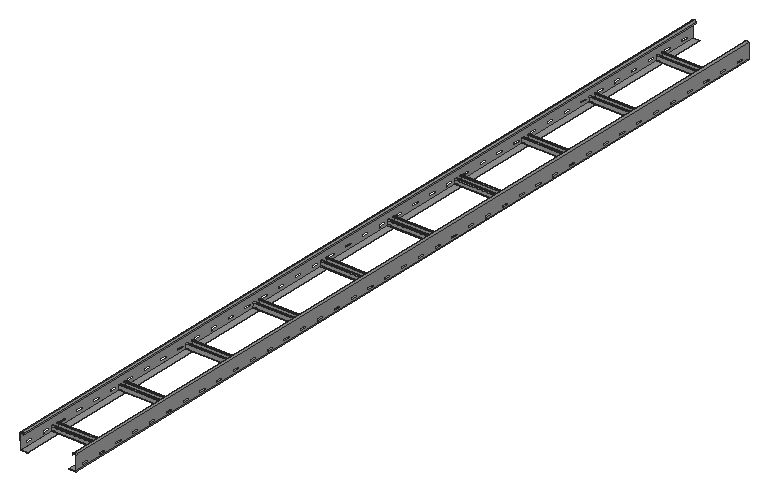
Revit family "LLIS 620 3 FS_FT Kabelleiter, gelocht", category Generic Models, Revit 2017
Family settings
  Can host rebar = No
  Round Connector Dimension = Use Diameter
  Part Type = Normal
  Work Plane-Based = No
  Always vertical = Yes
  Cut with Voids When Loaded = No
  Shared = No
  Room Calculation Point = No
Parameters (values of type "LLIS 620 3 FT")
  Width = 200 mm
  URL = "http://www.obo-bettermann.com"
  Material = Strip galvanised
  Manufacturer Art.No. = "6209570"
  Manufacturer = "OBO BETTERMANN"
  GTIN = "4012196773121"
  Cut's number 3 = 40
  Cut's number 2 = 2
  Cut's number = 10
  Article Type = "LLIS 620 3 FT"
Reference planes
  plane 1 "Center (Front/Back)": y = 0
  plane 2: z = 0
  plane 3 "Center (Left/Right)": x = 0
  plane 4: x = 200
  plane 5: z = 60
  plane 6: x = 12
  plane 7: x = 188
  plane 8: z = 51
  plane 9: z = 51
  plane 10: z = 55.5
  plane 11: z = 55.5
  plane 12: y = 3000
  plane 13: y = 150
  plane 14: y = 135
  plane 15: y = 165
  plane 16: z = 19
  plane 17: x = 196
  plane 18: x = 4
  plane 19: x = 199.992
  plane 20: y = 450
  plane 21: y = 435
  plane 22: y = 465
  plane 23: z = 19
  plane 24: y = 750
  plane 25: y = 735
  plane 26: y = 765
  plane 27: z = 19
  plane 28: y = 1050
  plane 29: y = 1035
  plane 30: y = 1065
  plane 31: z = 19
  plane 32: y = 1350
  plane 33: y = 1335
  plane 34: y = 1365
  plane 35: z = 19
  plane 36: y = 1650
  plane 37: y = 1635
  plane 38: y = 1665
  plane 39: z = 19
  plane 40: y = 1950
  plane 41: y = 1935
  plane 42: y = 1965
  plane 43: z = 19
  plane 44: y = 2250
  plane 45: y = 2235
  plane 46: y = 2265
  plane 47: z = 19
  plane 48: y = 2550
  plane 49: y = 2535
  plane 50: y = 2565
  plane 51: z = 19
  plane 52: y = 2850
  plane 53: y = 2835
  plane 54: y = 2865
  plane 55: z = 19
  plane 56: y = 150
  plane 57: x = 16.5
  plane 58: x = 16.5
  plane 59: x = 183.5
  plane 60: y = 150
  plane 61: x = 183.627
  plane 62: y = 750
  plane 63: x = 183.627
  plane 64: y = 1050
  plane 65: x = 183.627
  plane 66: y = 1350
  plane 67: x = 183.627
  plane 68: y = 1650
  plane 69: x = 183.627
  plane 70: y = 1950
  plane 71: x = 183.627
  plane 72: y = 2250
  plane 73: x = 183.627
  plane 74: y = 2550
  plane 75: x = 183.627
  plane 76: y = 2850
  plane 77: x = 183.627
  plane 78: y = 750
  plane 79: x = 16.5
  plane 80: y = 1050
  plane 81: x = 16.5
  plane 82: y = 1350
  plane 83: x = 16.5
  plane 84: y = 1650
  plane 85: x = 16.5
  plane 86: y = 1950
  plane 87: x = 16.5
  plane 88: y = 2250
  plane 89: x = 16.5
  plane 90: y = 2550
  plane 91: x = 16.5
  plane 92: y = 2850
  plane 93: x = 16.5
  plane 94: x = 16.5
  plane 95: x = 183
  plane 96: y = 450
  plane 97: x = 183.734
  plane 98: x = 350.234
  plane 99: y = 450
  plane 100: y = 37.5
  plane 101: y = 112.5
  plane 102: z = 14
  plane 103: y = 112.5
  plane 104: y = 187.5
  plane 105: z = 14
  plane 106: y = 187.5
  plane 107: y = 262.5
  plane 108: z = 14
  plane 109: y = 262.5
  plane 110: y = 337.5
  plane 111: z = 14
  plane 112: y = 337.5
  plane 113: y = 412.5
  plane 114: z = 14
  plane 115: y = 412.5
  plane 116: y = 487.5
  plane 117: z = 14
  plane 118: y = 487.5
  plane 119: y = 562.5
  plane 120: z = 14
  plane 121: y = 562.5
  plane 122: y = 637.5
  plane 123: z = 14
  plane 124: y = 637.5
  plane 125: y = 712.5
  plane 126: z = 14
  plane 127: y = 712.5
  plane 128: y = 787.5
  plane 129: z = 14
  plane 130: y = 787.5
  plane 131: y = 862.5
  plane 132: z = 14
  plane 133: y = 862.5
  plane 134: y = 937.5
  plane 135: z = 14
  plane 136: y = 937.5
  plane 137: y = 1012.5
  plane 138: z = 14
  plane 139: y = 1012.5
  plane 140: y = 1087.5
  plane 141: z = 14
  plane 142: y = 1087.5
  plane 143: y = 1162.5
  plane 144: z = 14
  plane 145: y = 1162.5
  plane 146: y = 1237.5
  plane 147: z = 14
  plane 148: y = 1237.5
  plane 149: y = 1312.5
  plane 150: z = 14
  plane 151: y = 1312.5
  plane 152: y = 1387.5
  plane 153: z = 14
  plane 154: y = 1387.5
  plane 155: y = 1462.5
  plane 156: z = 14
  plane 157: y = 1462.5
  plane 158: y = 1537.5
  plane 159: z = 14
  plane 160: y = 1537.5
  plane 161: y = 1612.5
  plane 162: z = 14
  plane 163: y = 1612.5
  plane 164: y = 1687.5
  plane 165: z = 14
  plane 166: y = 1687.5
  plane 167: y = 1762.5
  plane 168: z = 14
  plane 169: y = 1762.5
  plane 170: y = 1837.5
  plane 171: z = 14
  plane 172: y = 1837.5
  plane 173: y = 1912.5
  plane 174: z = 14
  plane 175: y = 1912.5
  plane 176: y = 1987.5
  plane 177: z = 14
  plane 178: y = 1987.5
  plane 179: y = 2062.5
  plane 180: z = 14
  plane 181: y = 2062.5
  plane 182: y = 2137.5
  plane 183: z = 14
  plane 184: y = 2137.5
  plane 185: y = 2212.5
  plane 186: z = 14
  plane 187: y = 2212.5
  plane 188: y = 2287.5
  plane 189: z = 14
  plane 190: y = 2287.5
  plane 191: y = 2362.5
  plane 192: z = 14
  plane 193: y = 2362.5
  plane 194: y = 2437.5
  plane 195: z = 14
  plane 196: y = 2437.5
  plane 197: y = 2512.5
  plane 198: z = 14
  plane 199: y = 2512.5
  plane 200: y = 2587.5
  plane 201: z = 14
  plane 202: y = 2587.5
  plane 203: y = 2662.5
  plane 204: z = 14
  plane 205: y = 2662.5
  plane 206: y = 2737.5
  plane 207: z = 14
  plane 208: y = 2737.5
  plane 209: y = 2812.5
  plane 210: z = 14
  plane 211: y = 2812.5
  plane 212: y = 2887.5
  plane 213: z = 14
  plane 214: y = 2887.5
  plane 215: y = 2962.5
  plane 216: z = 14
  plane 217: y = 2962.5
  plane 218: y = 3037.5
  plane 219: z = 14
  plane 220: y = 2962.5
  plane 221: z = 14
  plane 222: y = 2887.5
  plane 223: z = 14
  plane 224: y = 2812.5
  plane 225: z = 14
  plane 226: y = 2737.5
  plane 227: z = 14
  plane 228: y = 2662.5
  plane 229: z = 14
  plane 230: y = 2587.5
  plane 231: z = 14
  plane 232: y = 2512.5
  plane 233: z = 14
  plane 234: y = 2437.5
  plane 235: z = 14
  plane 236: y = 2362.5
  plane 237: z = 14
  plane 238: y = 2287.5
  plane 239: z = 14
  plane 240: y = 2212.5
  plane 241: z = 14
  plane 242: y = 2137.5
  plane 243: z = 14
  plane 244: y = 2062.5
  plane 245: z = 14
  plane 246: y = 1987.5
  plane 247: z = 14
  plane 248: y = 1912.5
  plane 249: z = 14
  plane 250: y = 1837.5
  plane 251: z = 14
  plane 252: y = 1762.5
  plane 253: z = 14
  plane 254: y = 1687.5
  plane 255: z = 14
  plane 256: y = 1612.5
  plane 257: z = 14
  plane 258: y = 1537.5
  plane 259: z = 14
  plane 260: y = 1462.5
  plane 261: z = 14
  plane 262: y = 1387.5
  plane 263: z = 14
  plane 264: y = 1312.5
  plane 265: z = 14
  plane 266: y = 1237.5
  plane 267: z = 14
  plane 268: y = 1162.5
  plane 269: z = 14
  plane 270: y = 1087.5
  plane 271: z = 14
  plane 272: y = 1012.5
  plane 273: z = 14
  plane 274: y = 937.5
  plane 275: z = 14
  plane 276: y = 862.5
  plane 277: z = 14
  plane 278: y = 787.5
  plane 279: z = 14
  plane 280: y = 712.5
  plane 281: z = 14
  plane 282: y = 637.5
  plane 283: z = 14
  plane 284: y = 562.5
  plane 285: z = 14
  plane 286: y = 487.5
  plane 287: z = 14
  plane 288: y = 412.5
  plane 289: z = 14
  plane 290: y = 337.5
  plane 291: z = 14
  plane 292: y = 262.5
  plane 293: z = 14
  plane 294: y = 187.5
  plane 295: z = 14
  plane 296: y = 112.5
  plane 297: z = 14
  plane 298: y = 37.5
  plane 299: z = 14
  plane 300: x = 44
  plane 301: y = 150
  plane 302: x = 156
  plane 303: x = 44
  plane 304: x = 156.115
  plane 305: y = 150
  plane 306: x = 156.115
  plane 307: y = 750
  plane 308: x = 156.115
  plane 309: y = 1050
  plane 310: x = 156.115
  plane 311: y = 1350
  plane 312: x = 156.115
  plane 313: y = 1650
  plane 314: x = 156.115
  plane 315: y = 1950
  plane 316: x = 156.115
  plane 317: y = 2250
  plane 318: x = 156.115
  plane 319: y = 2550
  plane 320: x = 156.115
  plane 321: y = 2850
  plane 322: x = 44
  plane 323: y = 750
  plane 324: x = 44
  plane 325: y = 1050
  plane 326: x = 44
  plane 327: y = 1350
  plane 328: x = 44
  plane 329: y = 1650
  plane 330: x = 44
  plane 331: y = 1950
  plane 332: x = 44
  plane 333: y = 2250
  plane 334: x = 44
  plane 335: y = 2550
  plane 336: x = 44
  plane 337: y = 2850
  plane 338: x = 44
  plane 339: x = 156
  plane 340: y = 450
  plane 341: x = 155.962
  plane 342: x = 267.962
  plane 343: y = 450
Forms (mm)
  Extrusion 1, solid, material "Strip galvanised"
    sketch origin (0, 0, 0) x (1, 0, 0) y (0, 0, 1)
      loop
        line (0, 54.006) -> (0, 2)
        arc (0, 2) -> (0.586, 0.586) -> (2, 0) r 2
        line (2, 0) -> (26.975, 0) -> (26.975, 1) -> (2, 1)
        arc (2, 1) -> (1.293, 1.293) -> (1, 2) r 1
        line (1, 2) -> (1, 54.006)
        arc (1, 54.006) -> (6, 59.006) -> (11, 54.006) r 5
        line (11, 54.006) -> (11, 51) -> (12, 51) -> (12, 54.006)
        arc (12, 54.006) -> (6, 60.006) -> (0, 54.006) r 6
      loop
        line (200, 2) -> (200, 53.941)
        arc (200, 53.941) -> (194, 59.941) -> (188, 53.941) r 6
        line (188, 53.941) -> (188, 51) -> (189, 51) -> (189, 53.941)
        arc (189, 53.941) -> (194, 58.941) -> (199, 53.941) r 5
        line (199, 53.941) -> (199, 2)
        arc (199, 2) -> (198.707, 1.293) -> (198, 1) r 1
        line (198, 1) -> (172.972, 1) -> (172.972, 0) -> (198, 0)
        arc (198, 0) -> (199.414, 0.586) -> (200, 2) r 2
    from 0 to -3000
  Extrusion 2, solid, material "Strip galvanised" <- "Material"
    sketch origin (0, 0, 0) x (0, 1, 0) y (0, 0, 1)
      loop
        line (137, 1) -> (163, 1)
        arc (163, 1) -> (164.414, 1.586) -> (165, 3) r 2
        line (165, 3) -> (165, 17)
        arc (165, 17) -> (164.414, 18.414) -> (163, 19) r 2
        line (163, 19) -> (158.5, 19) -> (158.5, 18) -> (163, 18)
        arc (163, 18) -> (163.707, 17.707) -> (164, 17) r 1
        line (164, 17) -> (164, 3)
        arc (164, 3) -> (163.707, 2.293) -> (163, 2) r 1
        line (163, 2) -> (137, 2)
        arc (137, 2) -> (136.293, 2.293) -> (136, 3) r 1
        line (136, 3) -> (136, 17)
        arc (136, 17) -> (136.293, 17.707) -> (137, 18) r 1
        line (137, 18) -> (141.517, 18) -> (141.517, 19) -> (137, 19)
        arc (137, 19) -> (135.586, 18.414) -> (135, 17) r 2
        line (135, 17) -> (135, 3)
        arc (135, 3) -> (135.586, 1.586) -> (137, 1) r 2
    from 4 to 196
  Extrusion 3, solid, material "Strip galvanised" <- "Material"
    sketch origin (0, 300, 0) x (0, 1, 0) y (0, 0, 1)
      loop
        line (137, 1) -> (163, 1)
        arc (163, 1) -> (164.414, 1.586) -> (165, 3) r 2
        line (165, 3) -> (165, 17)
        arc (165, 17) -> (164.414, 18.414) -> (163, 19) r 2
        line (163, 19) -> (158.5, 19) -> (158.5, 18) -> (163, 18)
        arc (163, 18) -> (163.707, 17.707) -> (164, 17) r 1
        line (164, 17) -> (164, 3)
        arc (164, 3) -> (163.707, 2.293) -> (163, 2) r 1
        line (163, 2) -> (137, 2)
        arc (137, 2) -> (136.293, 2.293) -> (136, 3) r 1
        line (136, 3) -> (136, 17)
        arc (136, 17) -> (136.293, 17.707) -> (137, 18) r 1
        line (137, 18) -> (141.517, 18) -> (141.517, 19) -> (137, 19)
        arc (137, 19) -> (135.586, 18.414) -> (135, 17) r 2
        line (135, 17) -> (135, 3)
        arc (135, 3) -> (135.586, 1.586) -> (137, 1) r 2
    from 4 to 196
  Extrusion 4, solid, material "Strip galvanised" <- "Material"
    sketch origin (0, 600, 0) x (0, 1, 0) y (0, 0, 1)
      loop
        line (137, 1) -> (163, 1)
        arc (163, 1) -> (164.414, 1.586) -> (165, 3) r 2
        line (165, 3) -> (165, 17)
        arc (165, 17) -> (164.414, 18.414) -> (163, 19) r 2
        line (163, 19) -> (158.5, 19) -> (158.5, 18) -> (163, 18)
        arc (163, 18) -> (163.707, 17.707) -> (164, 17) r 1
        line (164, 17) -> (164, 3)
        arc (164, 3) -> (163.707, 2.293) -> (163, 2) r 1
        line (163, 2) -> (137, 2)
        arc (137, 2) -> (136.293, 2.293) -> (136, 3) r 1
        line (136, 3) -> (136, 17)
        arc (136, 17) -> (136.293, 17.707) -> (137, 18) r 1
        line (137, 18) -> (141.517, 18) -> (141.517, 19) -> (137, 19)
        arc (137, 19) -> (135.586, 18.414) -> (135, 17) r 2
        line (135, 17) -> (135, 3)
        arc (135, 3) -> (135.586, 1.586) -> (137, 1) r 2
    from 4 to 196
  Extrusion 5, solid, material "Strip galvanised" <- "Material"
    sketch origin (0, 900, 0) x (0, 1, 0) y (0, 0, 1)
      loop
        line (137, 1) -> (163, 1)
        arc (163, 1) -> (164.414, 1.586) -> (165, 3) r 2
        line (165, 3) -> (165, 17)
        arc (165, 17) -> (164.414, 18.414) -> (163, 19) r 2
        line (163, 19) -> (158.5, 19) -> (158.5, 18) -> (163, 18)
        arc (163, 18) -> (163.707, 17.707) -> (164, 17) r 1
        line (164, 17) -> (164, 3)
        arc (164, 3) -> (163.707, 2.293) -> (163, 2) r 1
        line (163, 2) -> (137, 2)
        arc (137, 2) -> (136.293, 2.293) -> (136, 3) r 1
        line (136, 3) -> (136, 17)
        arc (136, 17) -> (136.293, 17.707) -> (137, 18) r 1
        line (137, 18) -> (141.517, 18) -> (141.517, 19) -> (137, 19)
        arc (137, 19) -> (135.586, 18.414) -> (135, 17) r 2
        line (135, 17) -> (135, 3)
        arc (135, 3) -> (135.586, 1.586) -> (137, 1) r 2
    from 4 to 196
  Extrusion 6, solid, material "Strip galvanised" <- "Material"
    sketch origin (0, 1200, 0) x (0, 1, 0) y (0, 0, 1)
      loop
        line (137, 1) -> (163, 1)
        arc (163, 1) -> (164.414, 1.586) -> (165, 3) r 2
        line (165, 3) -> (165, 17)
        arc (165, 17) -> (164.414, 18.414) -> (163, 19) r 2
        line (163, 19) -> (158.5, 19) -> (158.5, 18) -> (163, 18)
        arc (163, 18) -> (163.707, 17.707) -> (164, 17) r 1
        line (164, 17) -> (164, 3)
        arc (164, 3) -> (163.707, 2.293) -> (163, 2) r 1
        line (163, 2) -> (137, 2)
        arc (137, 2) -> (136.293, 2.293) -> (136, 3) r 1
        line (136, 3) -> (136, 17)
        arc (136, 17) -> (136.293, 17.707) -> (137, 18) r 1
        line (137, 18) -> (141.517, 18) -> (141.517, 19) -> (137, 19)
        arc (137, 19) -> (135.586, 18.414) -> (135, 17) r 2
        line (135, 17) -> (135, 3)
        arc (135, 3) -> (135.586, 1.586) -> (137, 1) r 2
    from 4 to 196
  Extrusion 7, solid, material "Strip galvanised" <- "Material"
    sketch origin (0, 1500, 0) x (0, 1, 0) y (0, 0, 1)
      loop
        line (137, 1) -> (163, 1)
        arc (163, 1) -> (164.414, 1.586) -> (165, 3) r 2
        line (165, 3) -> (165, 17)
        arc (165, 17) -> (164.414, 18.414) -> (163, 19) r 2
        line (163, 19) -> (158.5, 19) -> (158.5, 18) -> (163, 18)
        arc (163, 18) -> (163.707, 17.707) -> (164, 17) r 1
        line (164, 17) -> (164, 3)
        arc (164, 3) -> (163.707, 2.293) -> (163, 2) r 1
        line (163, 2) -> (137, 2)
        arc (137, 2) -> (136.293, 2.293) -> (136, 3) r 1
        line (136, 3) -> (136, 17)
        arc (136, 17) -> (136.293, 17.707) -> (137, 18) r 1
        line (137, 18) -> (141.517, 18) -> (141.517, 19) -> (137, 19)
        arc (137, 19) -> (135.586, 18.414) -> (135, 17) r 2
        line (135, 17) -> (135, 3)
        arc (135, 3) -> (135.586, 1.586) -> (137, 1) r 2
    from 4 to 196
  Extrusion 8, solid, material "Strip galvanised" <- "Material"
    sketch origin (0, 1800, 0) x (0, 1, 0) y (0, 0, 1)
      loop
        line (137, 1) -> (163, 1)
        arc (163, 1) -> (164.414, 1.586) -> (165, 3) r 2
        line (165, 3) -> (165, 17)
        arc (165, 17) -> (164.414, 18.414) -> (163, 19) r 2
        line (163, 19) -> (158.5, 19) -> (158.5, 18) -> (163, 18)
        arc (163, 18) -> (163.707, 17.707) -> (164, 17) r 1
        line (164, 17) -> (164, 3)
        arc (164, 3) -> (163.707, 2.293) -> (163, 2) r 1
        line (163, 2) -> (137, 2)
        arc (137, 2) -> (136.293, 2.293) -> (136, 3) r 1
        line (136, 3) -> (136, 17)
        arc (136, 17) -> (136.293, 17.707) -> (137, 18) r 1
        line (137, 18) -> (141.517, 18) -> (141.517, 19) -> (137, 19)
        arc (137, 19) -> (135.586, 18.414) -> (135, 17) r 2
        line (135, 17) -> (135, 3)
        arc (135, 3) -> (135.586, 1.586) -> (137, 1) r 2
    from 4 to 196
  Extrusion 9, solid, material "Strip galvanised" <- "Material"
    sketch origin (0, 2100, 0) x (0, 1, 0) y (0, 0, 1)
      loop
        line (137, 1) -> (163, 1)
        arc (163, 1) -> (164.414, 1.586) -> (165, 3) r 2
        line (165, 3) -> (165, 17)
        arc (165, 17) -> (164.414, 18.414) -> (163, 19) r 2
        line (163, 19) -> (158.5, 19) -> (158.5, 18) -> (163, 18)
        arc (163, 18) -> (163.707, 17.707) -> (164, 17) r 1
        line (164, 17) -> (164, 3)
        arc (164, 3) -> (163.707, 2.293) -> (163, 2) r 1
        line (163, 2) -> (137, 2)
        arc (137, 2) -> (136.293, 2.293) -> (136, 3) r 1
        line (136, 3) -> (136, 17)
        arc (136, 17) -> (136.293, 17.707) -> (137, 18) r 1
        line (137, 18) -> (141.517, 18) -> (141.517, 19) -> (137, 19)
        arc (137, 19) -> (135.586, 18.414) -> (135, 17) r 2
        line (135, 17) -> (135, 3)
        arc (135, 3) -> (135.586, 1.586) -> (137, 1) r 2
    from 4 to 196
  Extrusion 10, solid, material "Strip galvanised" <- "Material"
    sketch origin (0, 2400, 0) x (0, 1, 0) y (0, 0, 1)
      loop
        line (137, 1) -> (163, 1)
        arc (163, 1) -> (164.414, 1.586) -> (165, 3) r 2
        line (165, 3) -> (165, 17)
        arc (165, 17) -> (164.414, 18.414) -> (163, 19) r 2
        line (163, 19) -> (158.5, 19) -> (158.5, 18) -> (163, 18)
        arc (163, 18) -> (163.707, 17.707) -> (164, 17) r 1
        line (164, 17) -> (164, 3)
        arc (164, 3) -> (163.707, 2.293) -> (163, 2) r 1
        line (163, 2) -> (137, 2)
        arc (137, 2) -> (136.293, 2.293) -> (136, 3) r 1
        line (136, 3) -> (136, 17)
        arc (136, 17) -> (136.293, 17.707) -> (137, 18) r 1
        line (137, 18) -> (141.517, 18) -> (141.517, 19) -> (137, 19)
        arc (137, 19) -> (135.586, 18.414) -> (135, 17) r 2
        line (135, 17) -> (135, 3)
        arc (135, 3) -> (135.586, 1.586) -> (137, 1) r 2
    from 4 to 196
  Extrusion 11, solid, material "Strip galvanised" <- "Material"
    sketch origin (0, 2700, 0) x (0, 1, 0) y (0, 0, 1)
      loop
        line (137, 1) -> (163, 1)
        arc (163, 1) -> (164.414, 1.586) -> (165, 3) r 2
        line (165, 3) -> (165, 17)
        arc (165, 17) -> (164.414, 18.414) -> (163, 19) r 2
        line (163, 19) -> (158.5, 19) -> (158.5, 18) -> (163, 18)
        arc (163, 18) -> (163.707, 17.707) -> (164, 17) r 1
        line (164, 17) -> (164, 3)
        arc (164, 3) -> (163.707, 2.293) -> (163, 2) r 1
        line (163, 2) -> (137, 2)
        arc (137, 2) -> (136.293, 2.293) -> (136, 3) r 1
        line (136, 3) -> (136, 17)
        arc (136, 17) -> (136.293, 17.707) -> (137, 18) r 1
        line (137, 18) -> (141.517, 18) -> (141.517, 19) -> (137, 19)
        arc (137, 19) -> (135.586, 18.414) -> (135, 17) r 2
        line (135, 17) -> (135, 3)
        arc (135, 3) -> (135.586, 1.586) -> (137, 1) r 2
    from 4 to 196
  Extrusion 12, void
    sketch origin (0, 0, 0) x (1, 0, 0) y (0, 1, 0)
      loop
        line (18.906, 152.406) -> (13.954, 157.359)
        arc (13.954, 157.359) -> (9.004, 157.359) -> (9.004, 152.41) r 3.5
        line (9.004, 152.41) -> (13.957, 147.457) -> (18.821, 142.593)
        arc (18.821, 142.593) -> (23.77, 142.593) -> (23.77, 147.543) r 3.5
        line (23.77, 147.543) -> (18.906, 152.406)
    from 0 to 2
  Extrusion 13, void
    sketch origin (167.127, 0, 0) x (1, 0, 0) y (0, 1, 0)
      loop
        line (18.906, 152.406) -> (13.954, 157.359)
        arc (13.954, 157.359) -> (9.004, 157.359) -> (9.004, 152.41) r 3.5
        line (9.004, 152.41) -> (13.957, 147.457) -> (18.821, 142.593)
        arc (18.821, 142.593) -> (23.77, 142.593) -> (23.77, 147.543) r 3.5
        line (23.77, 147.543) -> (18.906, 152.406)
    from 0 to 2
  Extrusion 14, void
    sketch origin (167.127, 600, 0) x (1, 0, 0) y (0, 1, 0)
      loop
        line (18.906, 152.406) -> (13.954, 157.359)
        arc (13.954, 157.359) -> (9.004, 157.359) -> (9.004, 152.41) r 3.5
        line (9.004, 152.41) -> (13.957, 147.457) -> (18.821, 142.593)
        arc (18.821, 142.593) -> (23.77, 142.593) -> (23.77, 147.543) r 3.5
        line (23.77, 147.543) -> (18.906, 152.406)
    from 0 to 2
  Extrusion 15, void
    sketch origin (167.127, 900, 0) x (1, 0, 0) y (0, 1, 0)
      loop
        line (18.906, 152.406) -> (13.954, 157.359)
        arc (13.954, 157.359) -> (9.004, 157.359) -> (9.004, 152.41) r 3.5
        line (9.004, 152.41) -> (13.957, 147.457) -> (18.821, 142.593)
        arc (18.821, 142.593) -> (23.77, 142.593) -> (23.77, 147.543) r 3.5
        line (23.77, 147.543) -> (18.906, 152.406)
    from 0 to 2
  Extrusion 16, void
    sketch origin (167.127, 1200, 0) x (1, 0, 0) y (0, 1, 0)
      loop
        line (18.906, 152.406) -> (13.954, 157.359)
        arc (13.954, 157.359) -> (9.004, 157.359) -> (9.004, 152.41) r 3.5
        line (9.004, 152.41) -> (13.957, 147.457) -> (18.821, 142.593)
        arc (18.821, 142.593) -> (23.77, 142.593) -> (23.77, 147.543) r 3.5
        line (23.77, 147.543) -> (18.906, 152.406)
    from 0 to 2
  Extrusion 17, void
    sketch origin (167.127, 1500, 0) x (1, 0, 0) y (0, 1, 0)
      loop
        line (18.906, 152.406) -> (13.954, 157.359)
        arc (13.954, 157.359) -> (9.004, 157.359) -> (9.004, 152.41) r 3.5
        line (9.004, 152.41) -> (13.957, 147.457) -> (18.821, 142.593)
        arc (18.821, 142.593) -> (23.77, 142.593) -> (23.77, 147.543) r 3.5
        line (23.77, 147.543) -> (18.906, 152.406)
    from 0 to 2
  Extrusion 18, void
    sketch origin (167.127, 1800, 0) x (1, 0, 0) y (0, 1, 0)
      loop
        line (18.906, 152.406) -> (13.954, 157.359)
        arc (13.954, 157.359) -> (9.004, 157.359) -> (9.004, 152.41) r 3.5
        line (9.004, 152.41) -> (13.957, 147.457) -> (18.821, 142.593)
        arc (18.821, 142.593) -> (23.77, 142.593) -> (23.77, 147.543) r 3.5
        line (23.77, 147.543) -> (18.906, 152.406)
    from 0 to 2
  Extrusion 19, void
    sketch origin (167.127, 2100, 0) x (1, 0, 0) y (0, 1, 0)
      loop
        line (18.906, 152.406) -> (13.954, 157.359)
        arc (13.954, 157.359) -> (9.004, 157.359) -> (9.004, 152.41) r 3.5
        line (9.004, 152.41) -> (13.957, 147.457) -> (18.821, 142.593)
        arc (18.821, 142.593) -> (23.77, 142.593) -> (23.77, 147.543) r 3.5
        line (23.77, 147.543) -> (18.906, 152.406)
    from 0 to 2
  Extrusion 20, void
    sketch origin (167.127, 2400, 0) x (1, 0, 0) y (0, 1, 0)
      loop
        line (18.906, 152.406) -> (13.954, 157.359)
        arc (13.954, 157.359) -> (9.004, 157.359) -> (9.004, 152.41) r 3.5
        line (9.004, 152.41) -> (13.957, 147.457) -> (18.821, 142.593)
        arc (18.821, 142.593) -> (23.77, 142.593) -> (23.77, 147.543) r 3.5
        line (23.77, 147.543) -> (18.906, 152.406)
    from 0 to 2
  Extrusion 21, void
    sketch origin (167.127, 2700, 0) x (1, 0, 0) y (0, 1, 0)
      loop
        line (18.906, 152.406) -> (13.954, 157.359)
        arc (13.954, 157.359) -> (9.004, 157.359) -> (9.004, 152.41) r 3.5
        line (9.004, 152.41) -> (13.957, 147.457) -> (18.821, 142.593)
        arc (18.821, 142.593) -> (23.77, 142.593) -> (23.77, 147.543) r 3.5
        line (23.77, 147.543) -> (18.906, 152.406)
    from 0 to 2
  Extrusion 22, void
    sketch origin (0, 600, 0) x (1, 0, 0) y (0, 1, 0)
      loop
        line (18.906, 152.406) -> (13.954, 157.359)
        arc (13.954, 157.359) -> (9.004, 157.359) -> (9.004, 152.41) r 3.5
        line (9.004, 152.41) -> (13.957, 147.457) -> (18.821, 142.593)
        arc (18.821, 142.593) -> (23.77, 142.593) -> (23.77, 147.543) r 3.5
        line (23.77, 147.543) -> (18.906, 152.406)
    from 0 to 2
  Extrusion 23, void
    sketch origin (0, 900, 0) x (1, 0, 0) y (0, 1, 0)
      loop
        line (18.906, 152.406) -> (13.954, 157.359)
        arc (13.954, 157.359) -> (9.004, 157.359) -> (9.004, 152.41) r 3.5
        line (9.004, 152.41) -> (13.957, 147.457) -> (18.821, 142.593)
        arc (18.821, 142.593) -> (23.77, 142.593) -> (23.77, 147.543) r 3.5
        line (23.77, 147.543) -> (18.906, 152.406)
    from 0 to 2
  Extrusion 24, void
    sketch origin (0, 1200, 0) x (1, 0, 0) y (0, 1, 0)
      loop
        line (18.906, 152.406) -> (13.954, 157.359)
        arc (13.954, 157.359) -> (9.004, 157.359) -> (9.004, 152.41) r 3.5
        line (9.004, 152.41) -> (13.957, 147.457) -> (18.821, 142.593)
        arc (18.821, 142.593) -> (23.77, 142.593) -> (23.77, 147.543) r 3.5
        line (23.77, 147.543) -> (18.906, 152.406)
    from 0 to 2
  Extrusion 25, void
    sketch origin (0, 1500, 0) x (1, 0, 0) y (0, 1, 0)
      loop
        line (18.906, 152.406) -> (13.954, 157.359)
        arc (13.954, 157.359) -> (9.004, 157.359) -> (9.004, 152.41) r 3.5
        line (9.004, 152.41) -> (13.957, 147.457) -> (18.821, 142.593)
        arc (18.821, 142.593) -> (23.77, 142.593) -> (23.77, 147.543) r 3.5
        line (23.77, 147.543) -> (18.906, 152.406)
    from 0 to 2
  Extrusion 26, void
    sketch origin (0, 1800, 0) x (1, 0, 0) y (0, 1, 0)
      loop
        line (18.906, 152.406) -> (13.954, 157.359)
        arc (13.954, 157.359) -> (9.004, 157.359) -> (9.004, 152.41) r 3.5
        line (9.004, 152.41) -> (13.957, 147.457) -> (18.821, 142.593)
        arc (18.821, 142.593) -> (23.77, 142.593) -> (23.77, 147.543) r 3.5
        line (23.77, 147.543) -> (18.906, 152.406)
    from 0 to 2
  Extrusion 27, void
    sketch origin (0, 2100, 0) x (1, 0, 0) y (0, 1, 0)
      loop
        line (18.906, 152.406) -> (13.954, 157.359)
        arc (13.954, 157.359) -> (9.004, 157.359) -> (9.004, 152.41) r 3.5
        line (9.004, 152.41) -> (13.957, 147.457) -> (18.821, 142.593)
        arc (18.821, 142.593) -> (23.77, 142.593) -> (23.77, 147.543) r 3.5
        line (23.77, 147.543) -> (18.906, 152.406)
    from 0 to 2
  Extrusion 28, void
    sketch origin (0, 2400, 0) x (1, 0, 0) y (0, 1, 0)
      loop
        line (18.906, 152.406) -> (13.954, 157.359)
        arc (13.954, 157.359) -> (9.004, 157.359) -> (9.004, 152.41) r 3.5
        line (9.004, 152.41) -> (13.957, 147.457) -> (18.821, 142.593)
        arc (18.821, 142.593) -> (23.77, 142.593) -> (23.77, 147.543) r 3.5
        line (23.77, 147.543) -> (18.906, 152.406)
    from 0 to 2
  Extrusion 29, void
    sketch origin (0, 2700, 0) x (1, 0, 0) y (0, 1, 0)
      loop
        line (18.906, 152.406) -> (13.954, 157.359)
        arc (13.954, 157.359) -> (9.004, 157.359) -> (9.004, 152.41) r 3.5
        line (9.004, 152.41) -> (13.957, 147.457) -> (18.821, 142.593)
        arc (18.821, 142.593) -> (23.77, 142.593) -> (23.77, 147.543) r 3.5
        line (23.77, 147.543) -> (18.906, 152.406)
    from 0 to 2
  Extrusion 30, void
    sketch origin (0, 0, 0) x (1, 0, 0) y (0, 1, 0)
      loop
        line (18.975, 452.475) -> (14.025, 457.425)
        arc (14.025, 457.425) -> (9.075, 457.425) -> (9.075, 452.475) r 3.5
        line (9.075, 452.475) -> (14.025, 447.525) -> (18.975, 442.575)
        arc (18.975, 442.575) -> (23.925, 442.575) -> (23.925, 447.525) r 3.5
        line (23.925, 447.525) -> (18.975, 452.475)
    from 0 to 2
  Extrusion 31, void
    sketch origin (167.234, 0, 0) x (1, 0, 0) y (0, 1, 0)
      loop
        line (18.975, 452.475) -> (14.025, 457.425)
        arc (14.025, 457.425) -> (9.075, 457.425) -> (9.075, 452.475) r 3.5
        line (9.075, 452.475) -> (14.025, 447.525) -> (18.975, 442.575)
        arc (18.975, 442.575) -> (23.925, 442.575) -> (23.925, 447.525) r 3.5
        line (23.925, 447.525) -> (18.975, 452.475)
    from 0 to 2
  Extrusion 32, void
    sketch origin (0, 0, 0) x (0, 1, 0) y (0, 0, 1)
      loop
        line (23.5, 18.5) -> (23.5, 9.5) -> (51.5, 9.5) -> (51.5, 18.5) -> (23.5, 18.5)
    from 199 to 200
  Extrusion 33, void
    sketch origin (0, 75, 0) x (0, 1, 0) y (0, 0, 1)
      loop
        line (23.5, 18.5) -> (23.5, 9.5) -> (51.5, 9.5) -> (51.5, 18.5) -> (23.5, 18.5)
    from 199 to 200
  Extrusion 34, void
    sketch origin (0, 150, 0) x (0, 1, 0) y (0, 0, 1)
      loop
        line (23.5, 18.5) -> (23.5, 9.5) -> (51.5, 9.5) -> (51.5, 18.5) -> (23.5, 18.5)
    from 199 to 200
  Extrusion 35, void
    sketch origin (0, 225, 0) x (0, 1, 0) y (0, 0, 1)
      loop
        line (23.5, 18.5) -> (23.5, 9.5) -> (51.5, 9.5) -> (51.5, 18.5) -> (23.5, 18.5)
    from 199 to 200
  Extrusion 36, void
    sketch origin (0, 300, 0) x (0, 1, 0) y (0, 0, 1)
      loop
        line (23.5, 18.5) -> (23.5, 9.5) -> (51.5, 9.5) -> (51.5, 18.5) -> (23.5, 18.5)
    from 199 to 200
  Extrusion 37, void
    sketch origin (0, 375, 0) x (0, 1, 0) y (0, 0, 1)
      loop
        line (23.5, 18.5) -> (23.5, 9.5) -> (51.5, 9.5) -> (51.5, 18.5) -> (23.5, 18.5)
    from 199 to 200
  Extrusion 38, void
    sketch origin (0, 450, 0) x (0, 1, 0) y (0, 0, 1)
      loop
        line (23.5, 18.5) -> (23.5, 9.5) -> (51.5, 9.5) -> (51.5, 18.5) -> (23.5, 18.5)
    from 199 to 200
  Extrusion 39, void
    sketch origin (0, 525, 0) x (0, 1, 0) y (0, 0, 1)
      loop
        line (23.5, 18.5) -> (23.5, 9.5) -> (51.5, 9.5) -> (51.5, 18.5) -> (23.5, 18.5)
    from 199 to 200
  Extrusion 40, void
    sketch origin (0, 600, 0) x (0, 1, 0) y (0, 0, 1)
      loop
        line (23.5, 18.5) -> (23.5, 9.5) -> (51.5, 9.5) -> (51.5, 18.5) -> (23.5, 18.5)
    from 199 to 200
  Extrusion 41, void
    sketch origin (0, 675, 0) x (0, 1, 0) y (0, 0, 1)
      loop
        line (23.5, 18.5) -> (23.5, 9.5) -> (51.5, 9.5) -> (51.5, 18.5) -> (23.5, 18.5)
    from 199 to 200
  Extrusion 42, void
    sketch origin (0, 750, 0) x (0, 1, 0) y (0, 0, 1)
      loop
        line (23.5, 18.5) -> (23.5, 9.5) -> (51.5, 9.5) -> (51.5, 18.5) -> (23.5, 18.5)
    from 199 to 200
  Extrusion 43, void
    sketch origin (0, 825, 0) x (0, 1, 0) y (0, 0, 1)
      loop
        line (23.5, 18.5) -> (23.5, 9.5) -> (51.5, 9.5) -> (51.5, 18.5) -> (23.5, 18.5)
    from 199 to 200
  Extrusion 44, void
    sketch origin (0, 900, 0) x (0, 1, 0) y (0, 0, 1)
      loop
        line (23.5, 18.5) -> (23.5, 9.5) -> (51.5, 9.5) -> (51.5, 18.5) -> (23.5, 18.5)
    from 199 to 200
  Extrusion 45, void
    sketch origin (0, 975, 0) x (0, 1, 0) y (0, 0, 1)
      loop
        line (23.5, 18.5) -> (23.5, 9.5) -> (51.5, 9.5) -> (51.5, 18.5) -> (23.5, 18.5)
    from 199 to 200
  Extrusion 46, void
    sketch origin (0, 1050, 0) x (0, 1, 0) y (0, 0, 1)
      loop
        line (23.5, 18.5) -> (23.5, 9.5) -> (51.5, 9.5) -> (51.5, 18.5) -> (23.5, 18.5)
    from 199 to 200
  Extrusion 47, void
    sketch origin (0, 1125, 0) x (0, 1, 0) y (0, 0, 1)
      loop
        line (23.5, 18.5) -> (23.5, 9.5) -> (51.5, 9.5) -> (51.5, 18.5) -> (23.5, 18.5)
    from 199 to 200
  Extrusion 48, void
    sketch origin (0, 1200, 0) x (0, 1, 0) y (0, 0, 1)
      loop
        line (23.5, 18.5) -> (23.5, 9.5) -> (51.5, 9.5) -> (51.5, 18.5) -> (23.5, 18.5)
    from 199 to 200
  Extrusion 49, void
    sketch origin (0, 1275, 0) x (0, 1, 0) y (0, 0, 1)
      loop
        line (23.5, 18.5) -> (23.5, 9.5) -> (51.5, 9.5) -> (51.5, 18.5) -> (23.5, 18.5)
    from 199 to 200
  Extrusion 50, void
    sketch origin (0, 1350, 0) x (0, 1, 0) y (0, 0, 1)
      loop
        line (23.5, 18.5) -> (23.5, 9.5) -> (51.5, 9.5) -> (51.5, 18.5) -> (23.5, 18.5)
    from 199 to 200
  Extrusion 51, void
    sketch origin (0, 1425, 0) x (0, 1, 0) y (0, 0, 1)
      loop
        line (23.5, 18.5) -> (23.5, 9.5) -> (51.5, 9.5) -> (51.5, 18.5) -> (23.5, 18.5)
    from 199 to 200
  Extrusion 52, void
    sketch origin (0, 1500, 0) x (0, 1, 0) y (0, 0, 1)
      loop
        line (23.5, 18.5) -> (23.5, 9.5) -> (51.5, 9.5) -> (51.5, 18.5) -> (23.5, 18.5)
    from 199 to 200
  Extrusion 53, void
    sketch origin (0, 1575, 0) x (0, 1, 0) y (0, 0, 1)
      loop
        line (23.5, 18.5) -> (23.5, 9.5) -> (51.5, 9.5) -> (51.5, 18.5) -> (23.5, 18.5)
    from 199 to 200
  Extrusion 54, void
    sketch origin (0, 1650, 0) x (0, 1, 0) y (0, 0, 1)
      loop
        line (23.5, 18.5) -> (23.5, 9.5) -> (51.5, 9.5) -> (51.5, 18.5) -> (23.5, 18.5)
    from 199 to 200
  Extrusion 55, void
    sketch origin (0, 1725, 0) x (0, 1, 0) y (0, 0, 1)
      loop
        line (23.5, 18.5) -> (23.5, 9.5) -> (51.5, 9.5) -> (51.5, 18.5) -> (23.5, 18.5)
    from 199 to 200
  Extrusion 56, void
    sketch origin (0, 1800, 0) x (0, 1, 0) y (0, 0, 1)
      loop
        line (23.5, 18.5) -> (23.5, 9.5) -> (51.5, 9.5) -> (51.5, 18.5) -> (23.5, 18.5)
    from 199 to 200
  Extrusion 57, void
    sketch origin (0, 1875, 0) x (0, 1, 0) y (0, 0, 1)
      loop
        line (23.5, 18.5) -> (23.5, 9.5) -> (51.5, 9.5) -> (51.5, 18.5) -> (23.5, 18.5)
    from 199 to 200
  Extrusion 58, void
    sketch origin (0, 1950, 0) x (0, 1, 0) y (0, 0, 1)
      loop
        line (23.5, 18.5) -> (23.5, 9.5) -> (51.5, 9.5) -> (51.5, 18.5) -> (23.5, 18.5)
    from 199 to 200
  Extrusion 59, void
    sketch origin (0, 2025, 0) x (0, 1, 0) y (0, 0, 1)
      loop
        line (23.5, 18.5) -> (23.5, 9.5) -> (51.5, 9.5) -> (51.5, 18.5) -> (23.5, 18.5)
    from 199 to 200
  Extrusion 60, void
    sketch origin (0, 2100, 0) x (0, 1, 0) y (0, 0, 1)
      loop
        line (23.5, 18.5) -> (23.5, 9.5) -> (51.5, 9.5) -> (51.5, 18.5) -> (23.5, 18.5)
    from 199 to 200
  Extrusion 61, void
    sketch origin (0, 2175, 0) x (0, 1, 0) y (0, 0, 1)
      loop
        line (23.5, 18.5) -> (23.5, 9.5) -> (51.5, 9.5) -> (51.5, 18.5) -> (23.5, 18.5)
    from 199 to 200
  Extrusion 62, void
    sketch origin (0, 2250, 0) x (0, 1, 0) y (0, 0, 1)
      loop
        line (23.5, 18.5) -> (23.5, 9.5) -> (51.5, 9.5) -> (51.5, 18.5) -> (23.5, 18.5)
    from 199 to 200
  Extrusion 63, void
    sketch origin (0, 2325, 0) x (0, 1, 0) y (0, 0, 1)
      loop
        line (23.5, 18.5) -> (23.5, 9.5) -> (51.5, 9.5) -> (51.5, 18.5) -> (23.5, 18.5)
    from 199 to 200
  Extrusion 64, void
    sketch origin (0, 2400, 0) x (0, 1, 0) y (0, 0, 1)
      loop
        line (23.5, 18.5) -> (23.5, 9.5) -> (51.5, 9.5) -> (51.5, 18.5) -> (23.5, 18.5)
    from 199 to 200
  Extrusion 65, void
    sketch origin (0, 2475, 0) x (0, 1, 0) y (0, 0, 1)
      loop
        line (23.5, 18.5) -> (23.5, 9.5) -> (51.5, 9.5) -> (51.5, 18.5) -> (23.5, 18.5)
    from 199 to 200
  Extrusion 66, void
    sketch origin (0, 2550, 0) x (0, 1, 0) y (0, 0, 1)
      loop
        line (23.5, 18.5) -> (23.5, 9.5) -> (51.5, 9.5) -> (51.5, 18.5) -> (23.5, 18.5)
    from 199 to 200
  Extrusion 67, void
    sketch origin (0, 2625, 0) x (0, 1, 0) y (0, 0, 1)
      loop
        line (23.5, 18.5) -> (23.5, 9.5) -> (51.5, 9.5) -> (51.5, 18.5) -> (23.5, 18.5)
    from 199 to 200
  Extrusion 68, void
    sketch origin (0, 2700, 0) x (0, 1, 0) y (0, 0, 1)
      loop
        line (23.5, 18.5) -> (23.5, 9.5) -> (51.5, 9.5) -> (51.5, 18.5) -> (23.5, 18.5)
    from 199 to 200
  Extrusion 69, void
    sketch origin (0, 2775, 0) x (0, 1, 0) y (0, 0, 1)
      loop
        line (23.5, 18.5) -> (23.5, 9.5) -> (51.5, 9.5) -> (51.5, 18.5) -> (23.5, 18.5)
    from 199 to 200
  Extrusion 70, void
    sketch origin (0, 2850, 0) x (0, 1, 0) y (0, 0, 1)
      loop
        line (23.5, 18.5) -> (23.5, 9.5) -> (51.5, 9.5) -> (51.5, 18.5) -> (23.5, 18.5)
    from 199 to 200
  Extrusion 71, void
    sketch origin (0, 2925, 0) x (0, 1, 0) y (0, 0, 1)
      loop
        line (23.5, 18.5) -> (23.5, 9.5) -> (51.5, 9.5) -> (51.5, 18.5) -> (23.5, 18.5)
    from 199 to 200
  Extrusion 72, void
    sketch origin (0, 0, 0) x (0, 1, 0) y (0, 0, 1)
      loop
        line (2976.5, 18.5) -> (2948.5, 18.5) -> (2948.5, 9.5) -> (2976.5, 9.5) -> (2976.5, 18.5)
    from 0 to 1
  Extrusion 73, void
    sketch origin (0, -75, 0) x (0, 1, 0) y (0, 0, 1)
      loop
        line (2976.5, 18.5) -> (2948.5, 18.5) -> (2948.5, 9.5) -> (2976.5, 9.5) -> (2976.5, 18.5)
    from 0 to 1
  Extrusion 74, void
    sketch origin (0, -150, 0) x (0, 1, 0) y (0, 0, 1)
      loop
        line (2976.5, 18.5) -> (2948.5, 18.5) -> (2948.5, 9.5) -> (2976.5, 9.5) -> (2976.5, 18.5)
    from 0 to 1
  Extrusion 75, void
    sketch origin (0, -225, 0) x (0, 1, 0) y (0, 0, 1)
      loop
        line (2976.5, 18.5) -> (2948.5, 18.5) -> (2948.5, 9.5) -> (2976.5, 9.5) -> (2976.5, 18.5)
    from 0 to 1
  Extrusion 76, void
    sketch origin (0, -300, 0) x (0, 1, 0) y (0, 0, 1)
      loop
        line (2976.5, 18.5) -> (2948.5, 18.5) -> (2948.5, 9.5) -> (2976.5, 9.5) -> (2976.5, 18.5)
    from 0 to 1
  Extrusion 77, void
    sketch origin (0, -375, 0) x (0, 1, 0) y (0, 0, 1)
      loop
        line (2976.5, 18.5) -> (2948.5, 18.5) -> (2948.5, 9.5) -> (2976.5, 9.5) -> (2976.5, 18.5)
    from 0 to 1
  Extrusion 78, void
    sketch origin (0, -450, 0) x (0, 1, 0) y (0, 0, 1)
      loop
        line (2976.5, 18.5) -> (2948.5, 18.5) -> (2948.5, 9.5) -> (2976.5, 9.5) -> (2976.5, 18.5)
    from 0 to 1
  Extrusion 79, void
    sketch origin (0, -525, 0) x (0, 1, 0) y (0, 0, 1)
      loop
        line (2976.5, 18.5) -> (2948.5, 18.5) -> (2948.5, 9.5) -> (2976.5, 9.5) -> (2976.5, 18.5)
    from 0 to 1
  Extrusion 80, void
    sketch origin (0, -600, 0) x (0, 1, 0) y (0, 0, 1)
      loop
        line (2976.5, 18.5) -> (2948.5, 18.5) -> (2948.5, 9.5) -> (2976.5, 9.5) -> (2976.5, 18.5)
    from 0 to 1
  Extrusion 81, void
    sketch origin (0, -675, 0) x (0, 1, 0) y (0, 0, 1)
      loop
        line (2976.5, 18.5) -> (2948.5, 18.5) -> (2948.5, 9.5) -> (2976.5, 9.5) -> (2976.5, 18.5)
    from 0 to 1
  Extrusion 82, void
    sketch origin (0, -750, 0) x (0, 1, 0) y (0, 0, 1)
      loop
        line (2976.5, 18.5) -> (2948.5, 18.5) -> (2948.5, 9.5) -> (2976.5, 9.5) -> (2976.5, 18.5)
    from 0 to 1
  Extrusion 83, void
    sketch origin (0, -825, 0) x (0, 1, 0) y (0, 0, 1)
      loop
        line (2976.5, 18.5) -> (2948.5, 18.5) -> (2948.5, 9.5) -> (2976.5, 9.5) -> (2976.5, 18.5)
    from 0 to 1
  Extrusion 84, void
    sketch origin (0, -900, 0) x (0, 1, 0) y (0, 0, 1)
      loop
        line (2976.5, 18.5) -> (2948.5, 18.5) -> (2948.5, 9.5) -> (2976.5, 9.5) -> (2976.5, 18.5)
    from 0 to 1
  Extrusion 85, void
    sketch origin (0, -975, 0) x (0, 1, 0) y (0, 0, 1)
      loop
        line (2976.5, 18.5) -> (2948.5, 18.5) -> (2948.5, 9.5) -> (2976.5, 9.5) -> (2976.5, 18.5)
    from 0 to 1
  Extrusion 86, void
    sketch origin (0, -1050, 0) x (0, 1, 0) y (0, 0, 1)
      loop
        line (2976.5, 18.5) -> (2948.5, 18.5) -> (2948.5, 9.5) -> (2976.5, 9.5) -> (2976.5, 18.5)
    from 0 to 1
  Extrusion 87, void
    sketch origin (0, -1125, 0) x (0, 1, 0) y (0, 0, 1)
      loop
        line (2976.5, 18.5) -> (2948.5, 18.5) -> (2948.5, 9.5) -> (2976.5, 9.5) -> (2976.5, 18.5)
    from 0 to 1
  Extrusion 88, void
    sketch origin (0, -1200, 0) x (0, 1, 0) y (0, 0, 1)
      loop
        line (2976.5, 18.5) -> (2948.5, 18.5) -> (2948.5, 9.5) -> (2976.5, 9.5) -> (2976.5, 18.5)
    from 0 to 1
  Extrusion 89, void
    sketch origin (0, -1275, 0) x (0, 1, 0) y (0, 0, 1)
      loop
        line (2976.5, 18.5) -> (2948.5, 18.5) -> (2948.5, 9.5) -> (2976.5, 9.5) -> (2976.5, 18.5)
    from 0 to 1
  Extrusion 90, void
    sketch origin (0, -1350, 0) x (0, 1, 0) y (0, 0, 1)
      loop
        line (2976.5, 18.5) -> (2948.5, 18.5) -> (2948.5, 9.5) -> (2976.5, 9.5) -> (2976.5, 18.5)
    from 0 to 1
  Extrusion 91, void
    sketch origin (0, -1425, 0) x (0, 1, 0) y (0, 0, 1)
      loop
        line (2976.5, 18.5) -> (2948.5, 18.5) -> (2948.5, 9.5) -> (2976.5, 9.5) -> (2976.5, 18.5)
    from 0 to 1
  Extrusion 92, void
    sketch origin (0, -1500, 0) x (0, 1, 0) y (0, 0, 1)
      loop
        line (2976.5, 18.5) -> (2948.5, 18.5) -> (2948.5, 9.5) -> (2976.5, 9.5) -> (2976.5, 18.5)
    from 0 to 1
  Extrusion 93, void
    sketch origin (0, -1575, 0) x (0, 1, 0) y (0, 0, 1)
      loop
        line (2976.5, 18.5) -> (2948.5, 18.5) -> (2948.5, 9.5) -> (2976.5, 9.5) -> (2976.5, 18.5)
    from 0 to 1
  Extrusion 94, void
    sketch origin (0, -1650, 0) x (0, 1, 0) y (0, 0, 1)
      loop
        line (2976.5, 18.5) -> (2948.5, 18.5) -> (2948.5, 9.5) -> (2976.5, 9.5) -> (2976.5, 18.5)
    from 0 to 1
  Extrusion 95, void
    sketch origin (0, -1725, 0) x (0, 1, 0) y (0, 0, 1)
      loop
        line (2976.5, 18.5) -> (2948.5, 18.5) -> (2948.5, 9.5) -> (2976.5, 9.5) -> (2976.5, 18.5)
    from 0 to 1
  Extrusion 96, void
    sketch origin (0, -1800, 0) x (0, 1, 0) y (0, 0, 1)
      loop
        line (2976.5, 18.5) -> (2948.5, 18.5) -> (2948.5, 9.5) -> (2976.5, 9.5) -> (2976.5, 18.5)
    from 0 to 1
  Extrusion 97, void
    sketch origin (0, -1875, 0) x (0, 1, 0) y (0, 0, 1)
      loop
        line (2976.5, 18.5) -> (2948.5, 18.5) -> (2948.5, 9.5) -> (2976.5, 9.5) -> (2976.5, 18.5)
    from 0 to 1
  Extrusion 98, void
    sketch origin (0, -1950, 0) x (0, 1, 0) y (0, 0, 1)
      loop
        line (2976.5, 18.5) -> (2948.5, 18.5) -> (2948.5, 9.5) -> (2976.5, 9.5) -> (2976.5, 18.5)
    from 0 to 1
  Extrusion 99, void
    sketch origin (0, -2025, 0) x (0, 1, 0) y (0, 0, 1)
      loop
        line (2976.5, 18.5) -> (2948.5, 18.5) -> (2948.5, 9.5) -> (2976.5, 9.5) -> (2976.5, 18.5)
    from 0 to 1
  Extrusion 100, void
    sketch origin (0, -2100, 0) x (0, 1, 0) y (0, 0, 1)
      loop
        line (2976.5, 18.5) -> (2948.5, 18.5) -> (2948.5, 9.5) -> (2976.5, 9.5) -> (2976.5, 18.5)
    from 0 to 1
  Extrusion 101, void
    sketch origin (0, -2175, 0) x (0, 1, 0) y (0, 0, 1)
      loop
        line (2976.5, 18.5) -> (2948.5, 18.5) -> (2948.5, 9.5) -> (2976.5, 9.5) -> (2976.5, 18.5)
    from 0 to 1
  Extrusion 102, void
    sketch origin (0, -2250, 0) x (0, 1, 0) y (0, 0, 1)
      loop
        line (2976.5, 18.5) -> (2948.5, 18.5) -> (2948.5, 9.5) -> (2976.5, 9.5) -> (2976.5, 18.5)
    from 0 to 1
  Extrusion 103, void
    sketch origin (0, -2325, 0) x (0, 1, 0) y (0, 0, 1)
      loop
        line (2976.5, 18.5) -> (2948.5, 18.5) -> (2948.5, 9.5) -> (2976.5, 9.5) -> (2976.5, 18.5)
    from 0 to 1
  Extrusion 104, void
    sketch origin (0, -2400, 0) x (0, 1, 0) y (0, 0, 1)
      loop
        line (2976.5, 18.5) -> (2948.5, 18.5) -> (2948.5, 9.5) -> (2976.5, 9.5) -> (2976.5, 18.5)
    from 0 to 1
  Extrusion 105, void
    sketch origin (0, -2475, 0) x (0, 1, 0) y (0, 0, 1)
      loop
        line (2976.5, 18.5) -> (2948.5, 18.5) -> (2948.5, 9.5) -> (2976.5, 9.5) -> (2976.5, 18.5)
    from 0 to 1
  Extrusion 106, void
    sketch origin (0, -2550, 0) x (0, 1, 0) y (0, 0, 1)
      loop
        line (2976.5, 18.5) -> (2948.5, 18.5) -> (2948.5, 9.5) -> (2976.5, 9.5) -> (2976.5, 18.5)
    from 0 to 1
  Extrusion 107, void
    sketch origin (0, -2625, 0) x (0, 1, 0) y (0, 0, 1)
      loop
        line (2976.5, 18.5) -> (2948.5, 18.5) -> (2948.5, 9.5) -> (2976.5, 9.5) -> (2976.5, 18.5)
    from 0 to 1
  Extrusion 108, void
    sketch origin (0, -2700, 0) x (0, 1, 0) y (0, 0, 1)
      loop
        line (2976.5, 18.5) -> (2948.5, 18.5) -> (2948.5, 9.5) -> (2976.5, 9.5) -> (2976.5, 18.5)
    from 0 to 1
  Extrusion 109, void
    sketch origin (0, -2775, 0) x (0, 1, 0) y (0, 0, 1)
      loop
        line (2976.5, 18.5) -> (2948.5, 18.5) -> (2948.5, 9.5) -> (2976.5, 9.5) -> (2976.5, 18.5)
    from 0 to 1
  Extrusion 110, void
    sketch origin (0, -2850, 0) x (0, 1, 0) y (0, 0, 1)
      loop
        line (2976.5, 18.5) -> (2948.5, 18.5) -> (2948.5, 9.5) -> (2976.5, 9.5) -> (2976.5, 18.5)
    from 0 to 1
  Extrusion 111, void
    sketch origin (0, -2925, 0) x (0, 1, 0) y (0, 0, 1)
      loop
        line (2976.5, 18.5) -> (2948.5, 18.5) -> (2948.5, 9.5) -> (2976.5, 9.5) -> (2976.5, 18.5)
    from 0 to 1
  Extrusion 112, void
    sketch origin (0, 0, 0) x (1, 0, 0) y (0, 1, 0)
      loop
        line (39.5, 156) -> (39.5, 144) -> (48.5, 144) -> (48.5, 156) -> (39.5, 156)
    from 1 to 2
  Extrusion 113, void
    sketch origin (112.115, 0, 0) x (1, 0, 0) y (0, 1, 0)
      loop
        line (39.5, 156) -> (39.5, 144) -> (48.5, 144) -> (48.5, 156) -> (39.5, 156)
    from 1 to 2
  Extrusion 114, void
    sketch origin (112.115, 600, 0) x (1, 0, 0) y (0, 1, 0)
      loop
        line (39.5, 156) -> (39.5, 144) -> (48.5, 144) -> (48.5, 156) -> (39.5, 156)
    from 1 to 2
  Extrusion 115, void
    sketch origin (112.115, 900, 0) x (1, 0, 0) y (0, 1, 0)
      loop
        line (39.5, 156) -> (39.5, 144) -> (48.5, 144) -> (48.5, 156) -> (39.5, 156)
    from 1 to 2
  Extrusion 116, void
    sketch origin (112.115, 1200, 0) x (1, 0, 0) y (0, 1, 0)
      loop
        line (39.5, 156) -> (39.5, 144) -> (48.5, 144) -> (48.5, 156) -> (39.5, 156)
    from 1 to 2
  Extrusion 117, void
    sketch origin (112.115, 1500, 0) x (1, 0, 0) y (0, 1, 0)
      loop
        line (39.5, 156) -> (39.5, 144) -> (48.5, 144) -> (48.5, 156) -> (39.5, 156)
    from 1 to 2
  Extrusion 118, void
    sketch origin (112.115, 1800, 0) x (1, 0, 0) y (0, 1, 0)
      loop
        line (39.5, 156) -> (39.5, 144) -> (48.5, 144) -> (48.5, 156) -> (39.5, 156)
    from 1 to 2
  Extrusion 119, void
    sketch origin (112.115, 2100, 0) x (1, 0, 0) y (0, 1, 0)
      loop
        line (39.5, 156) -> (39.5, 144) -> (48.5, 144) -> (48.5, 156) -> (39.5, 156)
    from 1 to 2
  Extrusion 120, void
    sketch origin (112.115, 2400, 0) x (1, 0, 0) y (0, 1, 0)
      loop
        line (39.5, 156) -> (39.5, 144) -> (48.5, 144) -> (48.5, 156) -> (39.5, 156)
    from 1 to 2
  Extrusion 121, void
    sketch origin (112.115, 2700, 0) x (1, 0, 0) y (0, 1, 0)
      loop
        line (39.5, 156) -> (39.5, 144) -> (48.5, 144) -> (48.5, 156) -> (39.5, 156)
    from 1 to 2
  Extrusion 122, void
    sketch origin (0, 600, 0) x (1, 0, 0) y (0, 1, 0)
      loop
        line (39.5, 156) -> (39.5, 144) -> (48.5, 144) -> (48.5, 156) -> (39.5, 156)
    from 1 to 2
  Extrusion 123, void
    sketch origin (0, 900, 0) x (1, 0, 0) y (0, 1, 0)
      loop
        line (39.5, 156) -> (39.5, 144) -> (48.5, 144) -> (48.5, 156) -> (39.5, 156)
    from 1 to 2
  Extrusion 124, void
    sketch origin (0, 1200, 0) x (1, 0, 0) y (0, 1, 0)
      loop
        line (39.5, 156) -> (39.5, 144) -> (48.5, 144) -> (48.5, 156) -> (39.5, 156)
    from 1 to 2
  Extrusion 125, void
    sketch origin (0, 1500, 0) x (1, 0, 0) y (0, 1, 0)
      loop
        line (39.5, 156) -> (39.5, 144) -> (48.5, 144) -> (48.5, 156) -> (39.5, 156)
    from 1 to 2
  Extrusion 126, void
    sketch origin (0, 1800, 0) x (1, 0, 0) y (0, 1, 0)
      loop
        line (39.5, 156) -> (39.5, 144) -> (48.5, 144) -> (48.5, 156) -> (39.5, 156)
    from 1 to 2
  Extrusion 127, void
    sketch origin (0, 2100, 0) x (1, 0, 0) y (0, 1, 0)
      loop
        line (39.5, 156) -> (39.5, 144) -> (48.5, 144) -> (48.5, 156) -> (39.5, 156)
    from 1 to 2
  Extrusion 128, void
    sketch origin (0, 2400, 0) x (1, 0, 0) y (0, 1, 0)
      loop
        line (39.5, 156) -> (39.5, 144) -> (48.5, 144) -> (48.5, 156) -> (39.5, 156)
    from 1 to 2
  Extrusion 129, void
    sketch origin (0, 2700, 0) x (1, 0, 0) y (0, 1, 0)
      loop
        line (39.5, 156) -> (39.5, 144) -> (48.5, 144) -> (48.5, 156) -> (39.5, 156)
    from 1 to 2
  Extrusion 130, void
    sketch origin (0, 0, 0) x (1, 0, 0) y (0, 1, 0)
      loop
        line (39.5, 456) -> (39.5, 444) -> (48.5, 444) -> (48.5, 456) -> (39.5, 456)
    from 1 to 2
  Extrusion 131, void
    sketch origin (111.962, 0, 0) x (1, 0, 0) y (0, 1, 0)
      loop
        line (39.5, 456) -> (39.5, 444) -> (48.5, 444) -> (48.5, 456) -> (39.5, 456)
    from 1 to 2
Cuts and joins
  Extrusion 12, Extrusion 13, Extrusion 14, Extrusion 15, Extrusion 16, Extrusion 17, Extrusion 18, Extrusion 19, Extrusion 20, Extrusion 21, Extrusion 22, Extrusion 23, Extrusion 24, Extrusion 25, Extrusion 26, Extrusion 27, Extrusion 28, Extrusion 29, Extrusion 30, Extrusion 31, Extrusion 32, Extrusion 33, Extrusion 34, Extrusion 35, Extrusion 36, Extrusion 37, Extrusion 38, Extrusion 39, Extrusion 40, Extrusion 41, Extrusion 42, Extrusion 43, Extrusion 44, Extrusion 45, Extrusion 46, Extrusion 47, Extrusion 48, Extrusion 49, Extrusion 50, Extrusion 51, Extrusion 52, Extrusion 53, Extrusion 54, Extrusion 55, Extrusion 56, Extrusion 57, Extrusion 58, Extrusion 59, Extrusion 60, Extrusion 61, Extrusion 62, Extrusion 63, Extrusion 64, Extrusion 65, Extrusion 66, Extrusion 67, Extrusion 68, Extrusion 69, Extrusion 70, Extrusion 71, Extrusion 72, Extrusion 73, Extrusion 74, Extrusion 75, Extrusion 76, Extrusion 77, Extrusion 78, Extrusion 79, Extrusion 80, Extrusion 81, Extrusion 82, Extrusion 83, Extrusion 84, Extrusion 85, Extrusion 86, Extrusion 87, Extrusion 88, Extrusion 89, Extrusion 90, Extrusion 91, Extrusion 92, Extrusion 93, Extrusion 94, Extrusion 95, Extrusion 96, Extrusion 97, Extrusion 98, Extrusion 99, Extrusion 100, Extrusion 101, Extrusion 102, Extrusion 103, Extrusion 104, Extrusion 105, Extrusion 106, Extrusion 107, Extrusion 108, Extrusion 109, Extrusion 110, Extrusion 111 cuts Extrusion 1
  Extrusion 12, Extrusion 13, Extrusion 112, Extrusion 113 cuts Extrusion 2
  Extrusion 14, Extrusion 22, Extrusion 114, Extrusion 122 cuts Extrusion 4
  Extrusion 15, Extrusion 23, Extrusion 115, Extrusion 123 cuts Extrusion 5
  Extrusion 16, Extrusion 24, Extrusion 116, Extrusion 124 cuts Extrusion 6
  Extrusion 17, Extrusion 25, Extrusion 117, Extrusion 125 cuts Extrusion 7
  Extrusion 18, Extrusion 26, Extrusion 118, Extrusion 126 cuts Extrusion 8
  Extrusion 19, Extrusion 27, Extrusion 119, Extrusion 127 cuts Extrusion 9
  Extrusion 20, Extrusion 28, Extrusion 120, Extrusion 128 cuts Extrusion 10
  Extrusion 21, Extrusion 29, Extrusion 121, Extrusion 129 cuts Extrusion 11
  Extrusion 30, Extrusion 31, Extrusion 130, Extrusion 131 cuts Extrusion 3
Dimensions and locks
  locked: Extrusion 1 sketch curve to Extrusion 1 sketch curve at 1  (x4)
  locked: Extrusion 1 sketch curve to Extrusion 1 sketch curve at 12  (x2)
  locked: Extrusion 1 sketch curve to Extrusion 1 sketch curve at 8.941
  Extrusion 1 sketch curve to Extrusion 1 sketch curve = 10 mm
  locked: Extrusion 1 sketch curve to Extrusion 1 sketch curve at 10
  locked: Extrusion 1 sketch curve to Extrusion 1 sketch curve at 51  (x2)
  "Width": Extrusion 1 to Extrusion 1
  Extrusion 1 sketch curve to Extrusion 1 sketch curve = 12 mm
  locked: Extrusion 1 sketch curve to Extrusion 1 sketch curve at 26.975
  locked: plane 1 "Center (Front/Back)" to plane 12 at 3000
  locked: plane 3 "Center (Left/Right)" to plane 18 at 4
  locked: plane 3 "Center (Left/Right)" to plane 19 at 199.992
  locked: plane 17 to plane 19 at 3.992
  locked: Extrusion 1 to plane 17 at 7
  locked: plane 18 to Extrusion 1 at 8
  locked: cut or joined group of Extrusion 2, Extrusion 12, Extrusion 13, Extrusion 112, Extrusion 113 to cut or joined group of Extrusion 1, Extrusion 12, Extrusion 13, Extrusion 14, Extrusion 15, Extrusion 16, Extrusion 17, Extrusion 18, Extrusion 19, Extrusion 20, Extrusion 21, Extrusion 22, Extrusion 23, Extrusion 24, Extrusion 25, Extrusion 26, Extrusion 27, Extrusion 28, Extrusion 29, Extrusion 30, Extrusion 31, Extrusion 32, Extrusion 33, Extrusion 34, Extrusion 35, Extrusion 36, Extrusion 37, Extrusion 38, Extrusion 39, Extrusion 40, Extrusion 41, Extrusion 42, Extrusion 43, Extrusion 44, Extrusion 45, Extrusion 46, Extrusion 47, Extrusion 48, Extrusion 49, Extrusion 50, Extrusion 51, Extrusion 52, Extrusion 53, Extrusion 54, Extrusion 55, Extrusion 56, Extrusion 57, Extrusion 58, Extrusion 59, Extrusion 60, Extrusion 61, Extrusion 62, Extrusion 63, Extrusion 64, Extrusion 65, Extrusion 66, Extrusion 67, Extrusion 68, Extrusion 69, Extrusion 70, Extrusion 71, Extrusion 72, Extrusion 73, Extrusion 74, Extrusion 75, Extrusion 76, Extrusion 77, Extrusion 78, Extrusion 79, Extrusion 80, Extrusion 81, Extrusion 82, Extrusion 83, Extrusion 84, Extrusion 85, Extrusion 86, Extrusion 87, Extrusion 88, Extrusion 89, Extrusion 90, Extrusion 91, Extrusion 92, Extrusion 93, Extrusion 94, Extrusion 95, Extrusion 96, Extrusion 97, Extrusion 98, Extrusion 99, Extrusion 100, Extrusion 101, Extrusion 102, Extrusion 103, Extrusion 104, Extrusion 105, Extrusion 106, Extrusion 107, Extrusion 108, Extrusion 109, Extrusion 110, Extrusion 111 at 2.179
